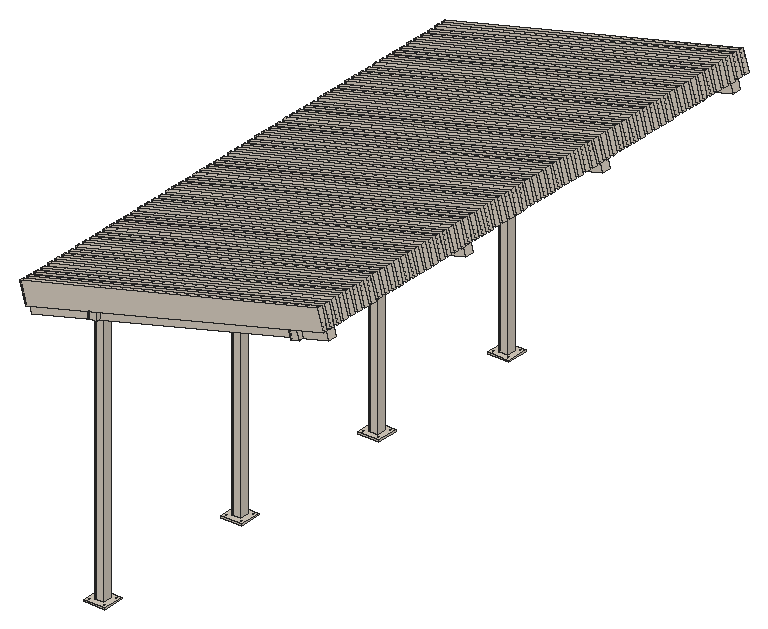
Revit family "Sun-Shades_ATEN_PalmSHIELD", category Generic Models, Revit 2026
Family settings
  Can host rebar = No
  Round Connector Dimension = Use Diameter
  Part Type = Normal
  Work Plane-Based = No
  Always vertical = Yes
  Cut with Voids When Loaded = No
  Maintain Annotation Orientation = No
  Shared = No
  Room Calculation Point = No
Parameters (values of type "Wood Finished 2" x 10"")
  Y1 [instance] = Length - 0' 8"  # 19' - 4"
  X3 [instance] = Column Center to Center - 0' 4"  # 6' - 4"
  X2 [instance] = Column Center to Center  # 6' - 8"
  X1 [instance] = (Length - (No. of Inset to Beams Vertical * 8' 0")) - 0' 8"  # 3' - 4"
  Wind & Privacy AD on Option - Vertical Privacy Aluminum Slats [instance] = no
  Wind & Privacy AD on Option - Privacy Planter & Trellis [instance] = no
  Wind & Privacy AD on Option - Privacy Laser Cut Aluminum Panels [instance] = no
  Wind & Privacy AD on Option - Horizontal Privacy Aluminum Slats [instance] = no
  Width [instance] = 12' - 0"
  Wall Purlins Length [instance] = Column Center to Center - 0' 4"  # 6' - 4"
  Wall Purlins Height [instance] = Underhanging Beams Height - 0' 1 3/4"  # 9' - 7"
  Vertical Purlin Length [instance] = Length + 0' 6"  # 20' - 6"
  Vertical Center to center = Purlin Height + 0' 2"  # 1' - 0"
  Underhanging Beams Height [instance] = Height - 0' 3 1/4"  # 9' - 8 3/4"
  URL = "https://palmshieldlouvers.com/"
  Trellis Height = 2' - 11.18099"
  T Height = Trellis Height - 0' 5"  # 2' - 6.18099"
  Standard Roof Options_Underhanging Beams_Vertical [instance] = no
  Standard Roof Options_Overhanging Beams_Vertical [instance] = yes
  Standard Roof Options_Inset to Beams_Horizontal [instance] = no
  Standard Roof Options_Inset to Beams_Vertical [instance] = no
  Specification = "https://www.arcat.com/company/palmshield-53925/spec"
  Roof Pitch [instance] = 15.00°
  Purlin Width Half = Purlin Width / 2  # 0' - 1"
  Purlin Width = 0' - 2"
  Purlins Spacing Desired [instance] = 0' - 2"
  Purlins Spacing Calculated [instance] = (Length - (No. of Purlins * Purlin Width)) / (No. of Purlins - 1)  # 0' - 2.0339"
  Purlin Height = 0' - 10"
  Product Page URL = "https://www.arcat.com/company/palmshield-53925"
  Planter Height = 1' - 6"
  Planter Depth = 1' - 6"
  No. of Wall Purlins in End [instance] = (Y1 / Center to Center)  # 58
  No. of Purlins [instance] = (Length / (Purlin Width + Purlins Spacing Desired))  # 60
  No. of Inset to Beams Vertical [instance] = No. of Columns - 1  # 2
  No. of Horizontal Wall Purlin [instance] = ((Underhanging Beams Height) / Vertical Center to center)  # 10
  No. of Columns [instance] = (Length / 8' 0")  # 3
  No. of BackSide Purlin [instance] = ((Column Center to Center - 0' 6") / Center to Center)  # 18
  Material [instance] = PalmSHIELD - Alloy
  Manufacturer = "PalmSHIELD"  # constant formula
  Length [instance] = 20' - 0"
  Keynote = "06 87 00"
  Inset to Beams Vertical Length [instance] = Column Center to Center - 0' 4"  # 6' - 4"
  Inset Beam Horizontal Length [instance] = Beam Center to Center + 0' 1 29/32"  # 7' - 7 31/32"
  Height [instance] = 10' - 0"
  Finish = "PalmSHIELD - Wood"
  Default Elevation = 0' - 0"
  Copyright = "©ARCAT"  # constant formula
  Column Height [instance] = Height + 0' 3 31/32"  # 10' - 3 31/32"
  Column Center to Center [instance] = Length / No. of Columns  # 6' - 8"
  Center to Center [instance] = Purlin Width + Purlins Spacing Calculated  # 0' - 4.0339"
  CAD Details = "https://www.arcat.com/company/palmshield-53925/cad"
  Beam Length [instance] = Length + 0' 8"  # 20' - 8"
  Beam Center to Center [instance] = Width - 4' 5 15/16"  # 7' - 6 1/16"
  B2 [instance] = Width  # 12' - 0"
  B1 = 3' - 0"
Reference planes (in)
  plane 1 "Center (Front/Back)": y = 0
  plane 2: z = 0
  plane 3 "Center (Left/Right)": x = 0
  plane 4: z = 120
  plane 5: x = 108
  plane 6: x = -36
  plane 7: y = -2
  plane 8: y = -6.0339
  plane 9: y = 236
  plane 10: y = 238
  plane 11: y = 242.0339
  plane 12: x = 2
  plane 13: x = -2
  plane 14: z = 90.67282
  plane 15: z = 124
  plane 16: y = -5.0339
  plane 17: z = 120.74069
  plane 18: y = 241.0339
  plane 19: y = 2.0339
  plane 20: z = 110
  plane 21: z = 109
  plane 22: x = 13
  plane 23: x = 9
  plane 24: z = 113
  plane 25: x = 1.99838
  plane 26: x = 92.06088
  plane 27: y = 80
  plane 28: x = 92.06073
  plane 29: y = 234
  plane 30: y = 194
  plane 31: x = 92.03047
  plane 32: x = 2.00556
  plane 33: x = 2.11453
  plane 34: x = 92.17303
  plane 35: y = 4.0339
  plane 36: y = 232
  plane 37: z = 3
  plane 38: z = 5
  plane 39: y = 231
  plane 40: y = 227
  plane 41: y = 78
  plane 42: y = 2.7839
  plane 43: y = 77.25
  plane 44: x = -26
  plane 45: x = -25.25
  plane 46: x = -2.75
  plane 47: z = 0.75
  plane 48: z = 18
  plane 49: z = 35.18099
  plane 50: z = 33.18099
  plane 51: y = 233.25
  plane 52: y = 194.75
  plane 53: x = -1.75
  plane 54: x = 91
  plane 55: x = 91
  plane 56: z = 4.5
  plane 57: z = 8.5339
  plane 58: y = 82
  plane 59: y = 100
  plane 60: z = 4
  plane 61: z = 16
  plane 62: y = 226.9661
  plane 63: y = 8.0678
  plane 64: z = 125.60046
  plane 65: z = 111.64025
  plane 66: z = 121.74713
Forms (in)
  Extrusion 1, solid, material "PalmSHIELD - Alloy" <- "Material", visible <- "Wind & Privacy AD on Option - Privacy Planter & Trellis"
    sketch origin (0, 0, 0) x (1, 0, 0) y (0, 1, 0)
      loop
        line (-26, 234) -> (-26, 2.0339) -> (-2, 2.0339) -> (-2, 234) -> (-26, 234)
      loop
        line (-25.25, 233.25) -> (-25.25, 2.7839) -> (-2.75, 2.7839) -> (-2.75, 233.25) -> (-25.25, 233.25)
    from 0.75 to 18
  Extrusion 2, solid, material "PalmSHIELD - Alloy" <- "Material", visible <- "Wind & Privacy AD on Option - Privacy Planter & Trellis"
    sketch origin (0, 0, 0) x (1, 0, 0) y (0, 1, 0)
      loop
        line (-26, 234) -> (-26, 2.0339) -> (-2, 2.0339) -> (-2, 234) -> (-26, 234)
    from 0 to 0.75
  Extrusion 3, solid, material "PalmSHIELD - Alloy" <- "Material", visible <- "Wind & Privacy AD on Option - Privacy Laser Cut Aluminum Panels"
    sketch origin (0, 0, 0) x (1, 0, 0) y (0, 1, 0)
      loop
        line (-2, 2.0339) -> (-1.75, 2.0339) -> (-1.75, 234) -> (-2, 234) -> (-2, 2.0339)
    from 3 to 120
Lines and regions (in)
  reference lines
    curve 1: line (-0.3473, -5.0339, 123.85989) -> (-0.3473, -3, 123.85989)
    curve 2: line (2, 0, 124) -> (108, 0, 152.40261)
    curve 3: line (2, 0, 120) -> (108, 0, 148.40261)
Dimensions and locks (in)
  "Height": plane 4 to plane 2
  "Width": plane 5 to plane 6
  "B1": plane 3 "Center (Left/Right)" to plane 6
  "Length": plane 10 to plane 7
  plane 13 to plane 3 "Center (Left/Right)" to plane 12 = 0' - 2" locked, 0' - 2" locked
  "Purlin Width Half": plane 16 to plane 8
  locked: plane 15 to plane 4 at 4
  equal spacing: group 1, group 2, group 3  (x3)
  locked: plane 17 to plane 4 at 0.74069
  "Purlin Width Half": plane 11 to plane 18
  "Purlins Spacing Calculated": plane 1 "Center (Front/Back)" to plane 19
  "Purlin Height": plane 4 to plane 20
  plane 15 to plane 21 = 1' - 3"
  locked: plane 22 to plane 13 at 15
  locked: plane 24 to plane 21 at 4
  plane 5 to plane 6 = 12' - 0"
  locked: plane 5 to plane 26 at 15.93912
  "Beam Center to Center": plane 25 to plane 26
  "Column Center to Center": plane 27 to plane 1 "Center (Front/Back)"
  plane 6 to plane 5 = 12' - 0"
  locked: plane 28 to plane 5 at 15.93927
  locked: plane 9 to plane 29 at 2
  "X1": plane 29 to plane 30
  locked: plane 31 to plane 5 at 15.96953
  locked: plane 3 "Center (Left/Right)" to plane 32 at 2.00556
  locked: plane 3 "Center (Left/Right)" to plane 33 at 2.11453
  locked: plane 34 to plane 5 at 15.82697
  locked: plane 29 to plane 36 at 2
  equal spacing: group 4, group 5, group 6, group 7, group 8, group 9, group 10, group 11, group 12, group 13, group 34, group 35, group 36, group 40, group 41, group 42, group 43, group 44, group 45, group 46, group 47, group 48, group 49, group 50, group 51, group 64, group 65, group 66, group 67, group 68, group 69, group 70, group 71, group 72, group 73, group 74, group 75, group 76, group 77, group 78, group 79, group 80, group 81, group 82, group 83, group 84, group 106, group 107, group 108, group 109, group 110, group 111, group 112, group 113, group 114, group 115, group 116, group 117  (x2)
  equal spacing: group 117, group 116, group 115, group 114, group 113, group 112, group 111, group 110, group 109, group 108, group 107, group 106, group 84, group 83, group 82, group 81, group 80, group 79, group 78, group 77, group 76, group 75, group 74, group 73, group 72, group 71, group 70, group 69, group 68, group 67, group 66, group 65, group 64, group 51, group 50, group 49, group 48, group 47, group 46, group 45, group 44, group 43, group 42, group 41, group 40, group 36, group 35, group 34, group 13, group 12, group 11, group 10, group 9, group 8, group 7, group 6, group 5, group 4
  locked: plane 36 to plane 39 at 1
  locked: plane 39 to plane 40 at 4
  locked: plane 27 to plane 41 at 2
  equal spacing: group 14, group 15, group 16, group 17, group 18, group 19, group 20, group 21, group 22, group 23  (x3)
  locked: plane 19 to plane 42 at 0.75
  locked: plane 41 to plane 43 at 0.75
  locked: plane 44 to plane 45 at 0.75
  locked: plane 46 to plane 13 at 0.75
  locked: plane 47 to plane 2 at 0.75
  "Planter Height": plane 48 to plane 2
  locked: plane 49 to plane 50 at 2
  "Trellis Height": plane 49 to plane 2
  locked: plane 29 to plane 51 at 0.75
  locked: plane 52 to plane 30 at 0.75
  equal spacing: group 24, group 25, group 26, group 27, group 28, group 29, group 30, group 31, group 32, group 33, group 37, group 38, group 39, group 52, group 53, group 54, group 55, group 56, group 57, group 58, group 59, group 60, group 61, group 62, group 63, group 85, group 86, group 87, group 88, group 89, group 90, group 91, group 92, group 93, group 94, group 95, group 96, group 97, group 98, group 99, group 100, group 101, group 102, group 103, group 104, group 105, group 118, group 119, group 120, group 121, group 122, group 123, group 124, group 125, group 126, group 127, group 128, group 129  (x2)
  equal spacing: group 129, group 128, group 127, group 126, group 125, group 124, group 123, group 122, group 121, group 120, group 119, group 118, group 105, group 104, group 103, group 102, group 101, group 100, group 99, group 98, group 97, group 96, group 95, group 94, group 93, group 92, group 91, group 90, group 89, group 88, group 87, group 86, group 85, group 63, group 62, group 61, group 60, group 59, group 58, group 57, group 56, group 55, group 54, group 53, group 52, group 39, group 38, group 37, group 33, group 32, group 31, group 30, group 29, group 28, group 27, group 26, group 25, group 24
  locked: plane 13 to plane 53 at 0.25
  locked: plane 54 to plane 5 at 17
  locked: plane 55 to plane 5 at 17
  locked: plane 47 to plane 56 at 3.75
  "Center to Center": plane 56 to plane 57
  locked: plane 41 to plane 58 at 4
  "Vertical Center to center": plane 61 to plane 60
  locked: plane 60 to plane 47 at 3.25
  "Center to Center": plane 62 to plane 39
  "Center to Center": plane 35 to plane 63
  locked: Extrusion 1 sketch curve to Extrusion 1 sketch curve at 0.75
  locked: plane 64 to plane 15 at 1.60046
  locked: plane 65 to plane 20 at 1.64025
  locked: plane 15 to plane 66 at 2.25287
  plane 9 to plane 36 = 0' - 4"
  "Center to Center": plane 1 "Center (Front/Back)" to plane 35
  locked: nested 113 to curve 3 at 15.65138
  plane 1 "Center (Front/Back)" to plane 27 = 6' - 8"
  nested 1 to nested 1 = 10' - 3 31/32"
  "Purlin Width": nested 1 to plane 7
  "Center to Center": plane 7 to plane 8
  "Center to Center": plane 11 to plane 10
  "Purlin Width": plane 10 to plane 9
  "Roof Pitch": angle plane 15 to curve 2
  "Roof Pitch": angle plane 4 to curve 3
  aligned and locked: plane 2 to level
  aligned and locked: nested 2 to plane 3 "Center (Left/Right)"
  aligned and locked: plane 13 to nested 3
  aligned and locked: nested 3 to plane 4
  aligned and locked: nested 2 to plane 9
  aligned and locked: plane 29 to nested 16
  aligned and locked: plane 3 "Center (Left/Right)" to nested 16
  aligned and locked: plane 3 "Center (Left/Right)" to nested 17
  aligned and locked: Extrusion 1 sketch curve to plane 29
  aligned and locked: Extrusion 1 sketch curve to plane 51
  aligned and locked: Extrusion 1 sketch curve to plane 44
  aligned and locked: Extrusion 1 sketch curve to plane 45
  aligned and locked: plane 13 to Extrusion 1 sketch curve
  aligned and locked: plane 46 to Extrusion 1 sketch curve
  aligned and locked: Extrusion 1 to plane 47
  aligned and locked: plane 48 to Extrusion 1
  aligned and locked: Extrusion 2 sketch curve to plane 29
  aligned and locked: Extrusion 2 sketch curve to plane 44
  aligned and locked: plane 13 to Extrusion 2 sketch curve
  aligned and locked: plane 29 to nested 26
  aligned and locked: nested 37 to plane 49
  aligned and locked: plane 38 to nested 26
  aligned and locked: plane 3 "Center (Left/Right)" to nested 26
  aligned and locked: plane 3 "Center (Left/Right)" to nested 37
  aligned and locked: plane 29 to nested 37
  aligned and locked: plane 13 to Extrusion 3 sketch curve
  aligned and locked: plane 53 to Extrusion 3 sketch curve
  aligned and locked: Extrusion 3 sketch curve to plane 29
  aligned and locked: nested 4 to plane 27
  aligned and locked: plane 60 to nested 16
  aligned and locked: plane 61 to nested 17
  aligned and locked: nested 6 to plane 39
  aligned and locked: nested 7 to plane 62
  aligned and locked: plane 29 to nested 17
  aligned and locked: nested 27 to plane 39
  aligned and locked: nested 28 to plane 62
  aligned and locked: plane 19 to Extrusion 3
  aligned and locked: plane 19 to Extrusion 1 sketch curve
  aligned and locked: plane 19 to Extrusion 2
  aligned and locked: Extrusion 3 to plane 4
  aligned and locked: nested 110 to plane 37
  aligned and locked: plane 19 to nested 110
  aligned and locked: plane 12 to curve 2
  aligned and locked: plane 15 to curve 2
  aligned and locked: plane 5 to curve 2
  aligned and locked: plane 12 to curve 3
  aligned and locked: plane 4 to curve 3
  aligned and locked: plane 5 to curve 3
  aligned and locked: nested 112 to curve 3  (x2)
  aligned and locked: nested 113 to plane 8
  aligned and locked: nested 113 to curve 3
  aligned and locked: plane 1 "Center (Front/Back)" to nested 1
  aligned and locked: nested 1 to plane 3 "Center (Left/Right)"
  aligned and locked: nested 4 to plane 3 "Center (Left/Right)"
  aligned and locked: plane 2 to nested 2
  aligned and locked: plane 35 to nested 138
  aligned and locked: nested 139 to plane 35
  aligned and locked: nested 139 to curve 3
  aligned and locked: nested 138 to curve 3
  aligned and locked: nested 140 to plane 8
  aligned and locked: nested 141 to plane 8
  aligned and locked: plane 11 to nested 142
  aligned and locked: plane 11 to nested 143
  aligned and locked: nested 1 to curve 3
  aligned and locked: nested 140 to curve 2
  aligned and locked: nested 143 to curve 2
  aligned and locked: nested 141 to curve 3
  aligned and locked: nested 142 to curve 3
  aligned and locked: plane 7 to nested 111
  aligned and locked: plane 7 to nested 112
  aligned and locked: nested 111 to curve 2
Automatic sketch dimensions
  Extrusion 3 sketch curve to plane 30 = 15' - 11.9661"
  Extrusion 2 sketch curve to plane 30 = 15' - 11.9661"
  plane 16 to curve 1 = 0' - 0"
  curve 1 to plane 7 = 0' - 1"
Nested families (in)
  nested 1: "STEEL SQ TUBE 4 X 4 X 0.25 CAPPED ASTM A500 GR.B" at (0, 0, 0), type "STEEL SQ TUBE 4 X 4 X 0.25 CAPPED ASTM A500 GR.B"
  nested 2: "STEEL SQ TUBE 4 X 4 X 0.25 CAPPED ASTM A500 GR.B" at (0, 236, 0), type "STEEL SQ TUBE 4 X 4 X 0.25 CAPPED ASTM A500 GR.B"
  nested 3: "STEEL SQ BEAM" at (-2, -6, 120) x (-1, 0, 0) z (0, 0, 1), type "STEEL SQ BEAM"
  nested 4: "STEEL SQ TUBE 4 X 4 X 0.25 CAPPED ASTM A500 GR.B" at (0, 80, 0), type "STEEL SQ TUBE 4 X 4 X 0.25 CAPPED ASTM A500 GR.B"
  nested 5: "STEEL SQ TUBE 4 X 4 X 0.25 CAPPED ASTM A500 GR.B" at (0, 160, 0), type "STEEL SQ TUBE 4 X 4 X 0.25 CAPPED ASTM A500 GR.B"
  nested 6: "Vertical Purlin" at (0, 231, 5), visible <- "Wind & Privacy AD on Option - Vertical Privacy Aluminum Slats", type "Vertical Purlin"
  nested 7: "Vertical Purlin" at (0, 226.9661, 5), visible <- "Wind & Privacy AD on Option - Vertical Privacy Aluminum Slats", type "Vertical Purlin"
  nested 8: "Vertical Purlin" at (0, 222.9322, 5), visible <- "Wind & Privacy AD on Option - Vertical Privacy Aluminum Slats", type "Vertical Purlin"
  nested 9: "Vertical Purlin" at (0, 218.89831, 5), visible <- "Wind & Privacy AD on Option - Vertical Privacy Aluminum Slats", type "Vertical Purlin"
  nested 10: "Vertical Purlin" at (0, 214.86441, 5), visible <- "Wind & Privacy AD on Option - Vertical Privacy Aluminum Slats", type "Vertical Purlin"
  nested 11: "Vertical Purlin" at (0, 210.83051, 5), visible <- "Wind & Privacy AD on Option - Vertical Privacy Aluminum Slats", type "Vertical Purlin"
  nested 12: "Vertical Purlin" at (0, 206.79661, 5), visible <- "Wind & Privacy AD on Option - Vertical Privacy Aluminum Slats", type "Vertical Purlin"
  nested 13: "Vertical Purlin" at (0, 202.76271, 5), visible <- "Wind & Privacy AD on Option - Vertical Privacy Aluminum Slats", type "Vertical Purlin"
  nested 14: "Vertical Purlin" at (0, 198.72881, 5), visible <- "Wind & Privacy AD on Option - Vertical Privacy Aluminum Slats", type "Vertical Purlin"
  nested 15: "Vertical Purlin" at (0, 194.69492, 5), visible <- "Wind & Privacy AD on Option - Vertical Privacy Aluminum Slats", type "Vertical Purlin"
  nested 16: "ALUMINUM RECT TUBE PURLIN" at (0, 118, -1.125), visible <- "Wind & Privacy AD on Option - Horizontal Privacy Aluminum Slats", type "Aluminum Rect Tube Wall Purlins Horizontal"
  nested 17: "ALUMINUM RECT TUBE PURLIN" at (0, 118, 10.875), visible <- "Wind & Privacy AD on Option - Horizontal Privacy Aluminum Slats", type "Aluminum Rect Tube Wall Purlins Horizontal"
  nested 18: "ALUMINUM RECT TUBE PURLIN" at (0, 118, 22.875), visible <- "Wind & Privacy AD on Option - Horizontal Privacy Aluminum Slats", type "Aluminum Rect Tube Wall Purlins Horizontal"
  nested 19: "ALUMINUM RECT TUBE PURLIN" at (0, 118, 34.875), visible <- "Wind & Privacy AD on Option - Horizontal Privacy Aluminum Slats", type "Aluminum Rect Tube Wall Purlins Horizontal"
  nested 20: "ALUMINUM RECT TUBE PURLIN" at (0, 118, 46.875), visible <- "Wind & Privacy AD on Option - Horizontal Privacy Aluminum Slats", type "Aluminum Rect Tube Wall Purlins Horizontal"
  nested 21: "ALUMINUM RECT TUBE PURLIN" at (0, 118, 58.875), visible <- "Wind & Privacy AD on Option - Horizontal Privacy Aluminum Slats", type "Aluminum Rect Tube Wall Purlins Horizontal"
  nested 22: "ALUMINUM RECT TUBE PURLIN" at (0, 118, 70.875), visible <- "Wind & Privacy AD on Option - Horizontal Privacy Aluminum Slats", type "Aluminum Rect Tube Wall Purlins Horizontal"
  nested 23: "ALUMINUM RECT TUBE PURLIN" at (0, 118, 82.875), visible <- "Wind & Privacy AD on Option - Horizontal Privacy Aluminum Slats", type "Aluminum Rect Tube Wall Purlins Horizontal"
  nested 24: "ALUMINUM RECT TUBE PURLIN" at (0, 118, 94.875), visible <- "Wind & Privacy AD on Option - Horizontal Privacy Aluminum Slats", type "Aluminum Rect Tube Wall Purlins Horizontal"
  nested 25: "ALUMINUM RECT TUBE PURLIN" at (0, 118, 106.875), visible <- "Wind & Privacy AD on Option - Horizontal Privacy Aluminum Slats", type "Aluminum Rect Tube Wall Purlins Horizontal"
  nested 26: "ALUMINUM RECT TUBE PURLIN" at (0, 118, 2.875), visible <- "Wind & Privacy AD on Option - Privacy Planter & Trellis", type "Trellis Purlin"
  nested 27: "Vertical Purlin" at (0, 231, 5), visible <- "Wind & Privacy AD on Option - Privacy Planter & Trellis", type "Trellis Vertical Purlin"
  nested 28: "Vertical Purlin" at (0, 226.9661, 5), visible <- "Wind & Privacy AD on Option - Privacy Planter & Trellis", type "Trellis Vertical Purlin"
  nested 29: "Vertical Purlin" at (0, 222.9322, 5), visible <- "Wind & Privacy AD on Option - Privacy Planter & Trellis", type "Trellis Vertical Purlin"
  nested 30: "Vertical Purlin" at (0, 218.89831, 5), visible <- "Wind & Privacy AD on Option - Privacy Planter & Trellis", type "Trellis Vertical Purlin"
  nested 31: "Vertical Purlin" at (0, 214.86441, 5), visible <- "Wind & Privacy AD on Option - Privacy Planter & Trellis", type "Trellis Vertical Purlin"
  nested 32: "Vertical Purlin" at (0, 210.83051, 5), visible <- "Wind & Privacy AD on Option - Privacy Planter & Trellis", type "Trellis Vertical Purlin"
  nested 33: "Vertical Purlin" at (0, 206.79661, 5), visible <- "Wind & Privacy AD on Option - Privacy Planter & Trellis", type "Trellis Vertical Purlin"
  nested 34: "Vertical Purlin" at (0, 202.76271, 5), visible <- "Wind & Privacy AD on Option - Privacy Planter & Trellis", type "Trellis Vertical Purlin"
  nested 35: "Vertical Purlin" at (0, 198.72881, 5), visible <- "Wind & Privacy AD on Option - Privacy Planter & Trellis", type "Trellis Vertical Purlin"
  nested 36: "Vertical Purlin" at (0, 194.69492, 5), visible <- "Wind & Privacy AD on Option - Privacy Planter & Trellis", type "Trellis Vertical Purlin"
  nested 37: "ALUMINUM RECT TUBE PURLIN" at (0, 118, 35.05599), visible <- "Wind & Privacy AD on Option - Privacy Planter & Trellis", type "Trellis Purlin"
  nested 38: "Vertical Purlin" at (0, 190.66102, 5), visible <- "Wind & Privacy AD on Option - Vertical Privacy Aluminum Slats", type "Vertical Purlin"
  nested 39: "Vertical Purlin" at (0, 186.62712, 5), visible <- "Wind & Privacy AD on Option - Vertical Privacy Aluminum Slats", type "Vertical Purlin"
  nested 40: "Vertical Purlin" at (0, 182.59322, 5), visible <- "Wind & Privacy AD on Option - Vertical Privacy Aluminum Slats", type "Vertical Purlin"
  nested 41: "Vertical Purlin" at (0, 190.66102, 5), visible <- "Wind & Privacy AD on Option - Privacy Planter & Trellis", type "Trellis Vertical Purlin"
  nested 42: "Vertical Purlin" at (0, 186.62712, 5), visible <- "Wind & Privacy AD on Option - Privacy Planter & Trellis", type "Trellis Vertical Purlin"
  nested 43: "Vertical Purlin" at (0, 182.59322, 5), visible <- "Wind & Privacy AD on Option - Privacy Planter & Trellis", type "Trellis Vertical Purlin"
  nested 44: "Vertical Purlin" at (0, 178.55932, 5), visible <- "Wind & Privacy AD on Option - Vertical Privacy Aluminum Slats", type "Vertical Purlin"
  nested 45: "Vertical Purlin" at (0, 174.52542, 5), visible <- "Wind & Privacy AD on Option - Vertical Privacy Aluminum Slats", type "Vertical Purlin"
  nested 46: "Vertical Purlin" at (0, 170.49153, 5), visible <- "Wind & Privacy AD on Option - Vertical Privacy Aluminum Slats", type "Vertical Purlin"
  nested 47: "Vertical Purlin" at (0, 166.45763, 5), visible <- "Wind & Privacy AD on Option - Vertical Privacy Aluminum Slats", type "Vertical Purlin"
  nested 48: "Vertical Purlin" at (0, 162.42373, 5), visible <- "Wind & Privacy AD on Option - Vertical Privacy Aluminum Slats", type "Vertical Purlin"
  nested 49: "Vertical Purlin" at (0, 158.38983, 5), visible <- "Wind & Privacy AD on Option - Vertical Privacy Aluminum Slats", type "Vertical Purlin"
  nested 50: "Vertical Purlin" at (0, 154.35593, 5), visible <- "Wind & Privacy AD on Option - Vertical Privacy Aluminum Slats", type "Vertical Purlin"
  nested 51: "Vertical Purlin" at (0, 150.32203, 5), visible <- "Wind & Privacy AD on Option - Vertical Privacy Aluminum Slats", type "Vertical Purlin"
  nested 52: "Vertical Purlin" at (0, 146.28814, 5), visible <- "Wind & Privacy AD on Option - Vertical Privacy Aluminum Slats", type "Vertical Purlin"
  nested 53: "Vertical Purlin" at (0, 142.25424, 5), visible <- "Wind & Privacy AD on Option - Vertical Privacy Aluminum Slats", type "Vertical Purlin"
  nested 54: "Vertical Purlin" at (0, 138.22034, 5), visible <- "Wind & Privacy AD on Option - Vertical Privacy Aluminum Slats", type "Vertical Purlin"
  nested 55: "Vertical Purlin" at (0, 134.18644, 5), visible <- "Wind & Privacy AD on Option - Vertical Privacy Aluminum Slats", type "Vertical Purlin"
  nested 56: "Vertical Purlin" at (0, 178.55932, 5), visible <- "Wind & Privacy AD on Option - Privacy Planter & Trellis", type "Trellis Vertical Purlin"
  nested 57: "Vertical Purlin" at (0, 174.52542, 5), visible <- "Wind & Privacy AD on Option - Privacy Planter & Trellis", type "Trellis Vertical Purlin"
  nested 58: "Vertical Purlin" at (0, 170.49153, 5), visible <- "Wind & Privacy AD on Option - Privacy Planter & Trellis", type "Trellis Vertical Purlin"
  nested 59: "Vertical Purlin" at (0, 166.45763, 5), visible <- "Wind & Privacy AD on Option - Privacy Planter & Trellis", type "Trellis Vertical Purlin"
  nested 60: "Vertical Purlin" at (0, 162.42373, 5), visible <- "Wind & Privacy AD on Option - Privacy Planter & Trellis", type "Trellis Vertical Purlin"
  nested 61: "Vertical Purlin" at (0, 158.38983, 5), visible <- "Wind & Privacy AD on Option - Privacy Planter & Trellis", type "Trellis Vertical Purlin"
  nested 62: "Vertical Purlin" at (0, 154.35593, 5), visible <- "Wind & Privacy AD on Option - Privacy Planter & Trellis", type "Trellis Vertical Purlin"
  nested 63: "Vertical Purlin" at (0, 150.32203, 5), visible <- "Wind & Privacy AD on Option - Privacy Planter & Trellis", type "Trellis Vertical Purlin"
  nested 64: "Vertical Purlin" at (0, 146.28814, 5), visible <- "Wind & Privacy AD on Option - Privacy Planter & Trellis", type "Trellis Vertical Purlin"
  nested 65: "Vertical Purlin" at (0, 142.25424, 5), visible <- "Wind & Privacy AD on Option - Privacy Planter & Trellis", type "Trellis Vertical Purlin"
  nested 66: "Vertical Purlin" at (0, 138.22034, 5), visible <- "Wind & Privacy AD on Option - Privacy Planter & Trellis", type "Trellis Vertical Purlin"
  nested 67: "Vertical Purlin" at (0, 134.18644, 5), visible <- "Wind & Privacy AD on Option - Privacy Planter & Trellis", type "Trellis Vertical Purlin"
  nested 68: "Vertical Purlin" at (0, 130.15254, 5), visible <- "Wind & Privacy AD on Option - Vertical Privacy Aluminum Slats", type "Vertical Purlin"
  nested 69: "Vertical Purlin" at (0, 126.11864, 5), visible <- "Wind & Privacy AD on Option - Vertical Privacy Aluminum Slats", type "Vertical Purlin"
  nested 70: "Vertical Purlin" at (0, 122.08475, 5), visible <- "Wind & Privacy AD on Option - Vertical Privacy Aluminum Slats", type "Vertical Purlin"
  nested 71: "Vertical Purlin" at (0, 118.05085, 5), visible <- "Wind & Privacy AD on Option - Vertical Privacy Aluminum Slats", type "Vertical Purlin"
  nested 72: "Vertical Purlin" at (0, 114.01695, 5), visible <- "Wind & Privacy AD on Option - Vertical Privacy Aluminum Slats", type "Vertical Purlin"
  nested 73: "Vertical Purlin" at (0, 109.98305, 5), visible <- "Wind & Privacy AD on Option - Vertical Privacy Aluminum Slats", type "Vertical Purlin"
  nested 74: "Vertical Purlin" at (0, 105.94915, 5), visible <- "Wind & Privacy AD on Option - Vertical Privacy Aluminum Slats", type "Vertical Purlin"
  nested 75: "Vertical Purlin" at (0, 101.91525, 5), visible <- "Wind & Privacy AD on Option - Vertical Privacy Aluminum Slats", type "Vertical Purlin"
  nested 76: "Vertical Purlin" at (0, 97.88136, 5), visible <- "Wind & Privacy AD on Option - Vertical Privacy Aluminum Slats", type "Vertical Purlin"
  nested 77: "Vertical Purlin" at (0, 93.84746, 5), visible <- "Wind & Privacy AD on Option - Vertical Privacy Aluminum Slats", type "Vertical Purlin"
  nested 78: "Vertical Purlin" at (0, 89.81356, 5), visible <- "Wind & Privacy AD on Option - Vertical Privacy Aluminum Slats", type "Vertical Purlin"
  nested 79: "Vertical Purlin" at (0, 85.77966, 5), visible <- "Wind & Privacy AD on Option - Vertical Privacy Aluminum Slats", type "Vertical Purlin"
  nested 80: "Vertical Purlin" at (0, 81.74576, 5), visible <- "Wind & Privacy AD on Option - Vertical Privacy Aluminum Slats", type "Vertical Purlin"
  nested 81: "Vertical Purlin" at (0, 77.71186, 5), visible <- "Wind & Privacy AD on Option - Vertical Privacy Aluminum Slats", type "Vertical Purlin"
  nested 82: "Vertical Purlin" at (0, 73.67797, 5), visible <- "Wind & Privacy AD on Option - Vertical Privacy Aluminum Slats", type "Vertical Purlin"
  nested 83: "Vertical Purlin" at (0, 69.64407, 5), visible <- "Wind & Privacy AD on Option - Vertical Privacy Aluminum Slats", type "Vertical Purlin"
  nested 84: "Vertical Purlin" at (0, 65.61017, 5), visible <- "Wind & Privacy AD on Option - Vertical Privacy Aluminum Slats", type "Vertical Purlin"
  nested 85: "Vertical Purlin" at (0, 61.57627, 5), visible <- "Wind & Privacy AD on Option - Vertical Privacy Aluminum Slats", type "Vertical Purlin"
  nested 86: "Vertical Purlin" at (0, 57.54237, 5), visible <- "Wind & Privacy AD on Option - Vertical Privacy Aluminum Slats", type "Vertical Purlin"
  nested 87: "Vertical Purlin" at (0, 53.50847, 5), visible <- "Wind & Privacy AD on Option - Vertical Privacy Aluminum Slats", type "Vertical Purlin"
  nested 88: "Vertical Purlin" at (0, 49.47458, 5), visible <- "Wind & Privacy AD on Option - Vertical Privacy Aluminum Slats", type "Vertical Purlin"
  nested 89: "Vertical Purlin" at (0, 130.15254, 5), visible <- "Wind & Privacy AD on Option - Privacy Planter & Trellis", type "Trellis Vertical Purlin"
  nested 90: "Vertical Purlin" at (0, 126.11864, 5), visible <- "Wind & Privacy AD on Option - Privacy Planter & Trellis", type "Trellis Vertical Purlin"
  nested 91: "Vertical Purlin" at (0, 122.08475, 5), visible <- "Wind & Privacy AD on Option - Privacy Planter & Trellis", type "Trellis Vertical Purlin"
  nested 92: "Vertical Purlin" at (0, 118.05085, 5), visible <- "Wind & Privacy AD on Option - Privacy Planter & Trellis", type "Trellis Vertical Purlin"
  nested 93: "Vertical Purlin" at (0, 114.01695, 5), visible <- "Wind & Privacy AD on Option - Privacy Planter & Trellis", type "Trellis Vertical Purlin"
  nested 94: "Vertical Purlin" at (0, 109.98305, 5), visible <- "Wind & Privacy AD on Option - Privacy Planter & Trellis", type "Trellis Vertical Purlin"
  nested 95: "Vertical Purlin" at (0, 105.94915, 5), visible <- "Wind & Privacy AD on Option - Privacy Planter & Trellis", type "Trellis Vertical Purlin"
  nested 96: "Vertical Purlin" at (0, 101.91525, 5), visible <- "Wind & Privacy AD on Option - Privacy Planter & Trellis", type "Trellis Vertical Purlin"
  nested 97: "Vertical Purlin" at (0, 97.88136, 5), visible <- "Wind & Privacy AD on Option - Privacy Planter & Trellis", type "Trellis Vertical Purlin"
  nested 98: "Vertical Purlin" at (0, 93.84746, 5), visible <- "Wind & Privacy AD on Option - Privacy Planter & Trellis", type "Trellis Vertical Purlin"
  nested 99: "Vertical Purlin" at (0, 89.81356, 5), visible <- "Wind & Privacy AD on Option - Privacy Planter & Trellis", type "Trellis Vertical Purlin"
  nested 100: "Vertical Purlin" at (0, 85.77966, 5), visible <- "Wind & Privacy AD on Option - Privacy Planter & Trellis", type "Trellis Vertical Purlin"
  nested 101: "Vertical Purlin" at (0, 81.74576, 5), visible <- "Wind & Privacy AD on Option - Privacy Planter & Trellis", type "Trellis Vertical Purlin"
  nested 102: "Vertical Purlin" at (0, 77.71186, 5), visible <- "Wind & Privacy AD on Option - Privacy Planter & Trellis", type "Trellis Vertical Purlin"
  nested 103: "Vertical Purlin" at (0, 73.67797, 5), visible <- "Wind & Privacy AD on Option - Privacy Planter & Trellis", type "Trellis Vertical Purlin"
  nested 104: "Vertical Purlin" at (0, 69.64407, 5), visible <- "Wind & Privacy AD on Option - Privacy Planter & Trellis", type "Trellis Vertical Purlin"
  nested 105: "Vertical Purlin" at (0, 65.61017, 5), visible <- "Wind & Privacy AD on Option - Privacy Planter & Trellis", type "Trellis Vertical Purlin"
  nested 106: "Vertical Purlin" at (0, 61.57627, 5), visible <- "Wind & Privacy AD on Option - Privacy Planter & Trellis", type "Trellis Vertical Purlin"
  nested 107: "Vertical Purlin" at (0, 57.54237, 5), visible <- "Wind & Privacy AD on Option - Privacy Planter & Trellis", type "Trellis Vertical Purlin"
  nested 108: "Vertical Purlin" at (0, 53.50847, 5), visible <- "Wind & Privacy AD on Option - Privacy Planter & Trellis", type "Trellis Vertical Purlin"
  nested 109: "Vertical Purlin" at (0, 49.47458, 5), visible <- "Wind & Privacy AD on Option - Privacy Planter & Trellis", type "Trellis Vertical Purlin"
  nested 110: "ALUMINUM RECT TUBE PURLIN" at (0, 118.0339, 2.875), visible <- "Wind & Privacy AD on Option - Vertical Privacy Aluminum Slats", type "Trellis Purlin"
  nested 111: "Family1" at (-31.09332, 118, 115.13267) x (0, -1, 0) z (-0.2588, 0, 0.9659), visible <- "Standard Roof Options_Overhanging Beams_Vertical", type "Overhanging Beams"
  nested 112: "Family1" at (108, 118, 148.40261) x (0, -1, 0) z (0.2588, 0, -0.9659), visible <- "Standard Roof Options_Underhanging Beams_Vertical", type "Overhanging Beams"
  nested 113: "STEEL SQ BEAM" at (96.74563, -6.0339, 145.38702) x (0.9659, 0, 0.2588) z (-0.2588, 0, 0.9659), type "STEEL SQ BEAM"
  nested 114: "Vertical Purlin" at (0, 45.44068, 5), visible <- "Wind & Privacy AD on Option - Vertical Privacy Aluminum Slats", type "Vertical Purlin"
  nested 115: "Vertical Purlin" at (0, 41.40678, 5), visible <- "Wind & Privacy AD on Option - Vertical Privacy Aluminum Slats", type "Vertical Purlin"
  nested 116: "Vertical Purlin" at (0, 37.37288, 5), visible <- "Wind & Privacy AD on Option - Vertical Privacy Aluminum Slats", type "Vertical Purlin"
  nested 117: "Vertical Purlin" at (0, 33.33898, 5), visible <- "Wind & Privacy AD on Option - Vertical Privacy Aluminum Slats", type "Vertical Purlin"
  nested 118: "Vertical Purlin" at (0, 29.30508, 5), visible <- "Wind & Privacy AD on Option - Vertical Privacy Aluminum Slats", type "Vertical Purlin"
  nested 119: "Vertical Purlin" at (0, 25.27119, 5), visible <- "Wind & Privacy AD on Option - Vertical Privacy Aluminum Slats", type "Vertical Purlin"
  nested 120: "Vertical Purlin" at (0, 21.23729, 5), visible <- "Wind & Privacy AD on Option - Vertical Privacy Aluminum Slats", type "Vertical Purlin"
  nested 121: "Vertical Purlin" at (0, 17.20339, 5), visible <- "Wind & Privacy AD on Option - Vertical Privacy Aluminum Slats", type "Vertical Purlin"
  nested 122: "Vertical Purlin" at (0, 13.16949, 5), visible <- "Wind & Privacy AD on Option - Vertical Privacy Aluminum Slats", type "Vertical Purlin"
  nested 123: "Vertical Purlin" at (0, 9.13559, 5), visible <- "Wind & Privacy AD on Option - Vertical Privacy Aluminum Slats", type "Vertical Purlin"
  nested 124: "Vertical Purlin" at (0, 5.10169, 5), visible <- "Wind & Privacy AD on Option - Vertical Privacy Aluminum Slats", type "Vertical Purlin"
  nested 125: "Vertical Purlin" at (0, 1.0678, 5), visible <- "Wind & Privacy AD on Option - Vertical Privacy Aluminum Slats", type "Vertical Purlin"
  nested 126: "Vertical Purlin" at (0, 45.44068, 5), visible <- "Wind & Privacy AD on Option - Privacy Planter & Trellis", type "Trellis Vertical Purlin"
  nested 127: "Vertical Purlin" at (0, 41.40678, 5), visible <- "Wind & Privacy AD on Option - Privacy Planter & Trellis", type "Trellis Vertical Purlin"
  nested 128: "Vertical Purlin" at (0, 37.37288, 5), visible <- "Wind & Privacy AD on Option - Privacy Planter & Trellis", type "Trellis Vertical Purlin"
  nested 129: "Vertical Purlin" at (0, 33.33898, 5), visible <- "Wind & Privacy AD on Option - Privacy Planter & Trellis", type "Trellis Vertical Purlin"
  nested 130: "Vertical Purlin" at (0, 29.30508, 5), visible <- "Wind & Privacy AD on Option - Privacy Planter & Trellis", type "Trellis Vertical Purlin"
  nested 131: "Vertical Purlin" at (0, 25.27119, 5), visible <- "Wind & Privacy AD on Option - Privacy Planter & Trellis", type "Trellis Vertical Purlin"
  nested 132: "Vertical Purlin" at (0, 21.23729, 5), visible <- "Wind & Privacy AD on Option - Privacy Planter & Trellis", type "Trellis Vertical Purlin"
  nested 133: "Vertical Purlin" at (0, 17.20339, 5), visible <- "Wind & Privacy AD on Option - Privacy Planter & Trellis", type "Trellis Vertical Purlin"
  nested 134: "Vertical Purlin" at (0, 13.16949, 5), visible <- "Wind & Privacy AD on Option - Privacy Planter & Trellis", type "Trellis Vertical Purlin"
  nested 135: "Vertical Purlin" at (0, 9.13559, 5), visible <- "Wind & Privacy AD on Option - Privacy Planter & Trellis", type "Trellis Vertical Purlin"
  nested 136: "Vertical Purlin" at (0, 5.10169, 5), visible <- "Wind & Privacy AD on Option - Privacy Planter & Trellis", type "Trellis Vertical Purlin"
  nested 137: "Vertical Purlin" at (0, 1.0678, 5), visible <- "Wind & Privacy AD on Option - Privacy Planter & Trellis", type "Trellis Vertical Purlin"
  nested 138: "Inset Beam Vertical" at (2, 4.0339, 120) x (0, 1, 0) z (-0.2588, 0, 0.9659), visible <- "Standard Roof Options_Inset to Beams_Vertical", Purlin Spacing Desired <- "Purlins Spacing Desired", Number of inset beam vertical <- "No. of Inset to Beams Vertical", L <- "Beam Center to Center", type "Inset Beam Vertical"
    with Vertical Purlin 23, Purlin Width Half 0' - 1", Purlin Spacing Desired 0' - 2", Purlin Spacing Calculated 0' - 2.00284", Number of inset beam vertical 2, L 7' - 6 1/16", Center to Center 0' - 4.00284", Beam center to center 0' - 4"
  nested 139: "Family7" at (2, 236.0339, 120) x (0.9659, 0, 0.2588) z (-0.2588, 0, 0.9659), visible <- "Standard Roof Options_Inset to Beams_Horizontal", Purlin Spacing Desired <- "Purlins Spacing Desired", type "Inset to Beams_Horizontal"
    with Vertical Purlin 58, Purlin Spacing Desired 0' - 2", Purlin Spacing Calculated 0' - 2.03509", Center to Center 0' - 4.03509"
  nested 140: "RECT.TUBE PURLINS" at (-31.09332, -5.0339, 115.13267) x (0, 1, 0) z (-0.2588, 0, 0.9659), visible <- "Standard Roof Options_Overhanging Beams_Vertical", type "RECT.TUBE PURLINS"
  nested 141: "RECT.TUBE PURLINS" at (108, -5.0339, 148.40261) x (0, 1, 0) z (0.2588, 0, -0.9659), visible <- "Standard Roof Options_Underhanging Beams_Vertical", type "RECT.TUBE PURLINS"
  nested 142: "RECT.TUBE PURLINS" at (108, 241.0339, 148.40261) x (0, 1, 0) z (0.2588, 0, -0.9659), visible <- "Standard Roof Options_Underhanging Beams_Vertical", type "RECT.TUBE PURLINS"
  nested 143: "RECT.TUBE PURLINS" at (-31.09332, 241.0339, 115.13267) x (0, 1, 0) z (-0.2588, 0, 0.9659), visible <- "Standard Roof Options_Overhanging Beams_Vertical", type "RECT.TUBE PURLINS"
Definition of nested family "STEEL SQ TUBE 4 X 4 X 0.25 CAPPED ASTM A500 GR.B"
  Parameters (values of type "STEEL SQ TUBE 4 X 4 X 0.25 CAPPED ASTM A500 GR.B")
    roof pitch = 10.00°
    Purlin Length = 15' - 0"
    WIDTH = 0' - 4"
    STEEL = none
    Material [instance] = none
    HEIGHT = 15' - 0"
    Default Elevation = 0' - 0"
    DEPTH = 0' - 4"
    BASE PLATE WIDTH = 0' - 10"
    BASE PLATE THICKNESS = 0' - 0 3/4"
    BASE PLATE DEPTH = 0' - 10"
    B1 = 3' - 0"
  Reference planes (in)
    plane 1 "Center (Front/Back)": y = 0
    plane 2: z = 0
    plane 3 "Center (Left/Right)": x = 0
    plane 4: y = 2
    plane 5: y = -2
    plane 6: x = -2
    plane 7: x = 2
    plane 8: x = -1.75
    plane 9: x = 1.75
    plane 10: y = 1.75
    plane 11: y = -1.75
    plane 12: z = 180
    plane 13: x = -5
    plane 14: x = 5
    plane 15: y = 5
    plane 16: y = -5
    plane 17: z = 0.75
    plane 18: y = 3.5
    plane 19: y = -3.5
    plane 20: x = -3.5
    plane 21: x = 3.5
    plane 22: z = 179.75
    plane 23: x = -36
    plane 24: x = 144
  Forms (in)
    Extrusion 1, solid, material <- "STEEL"
      sketch origin (0, 0, 0) x (1, 0, 0) y (0, 1, 0)
        loop
          line (-2, 2) -> (-2, -2) -> (2, -2) -> (2, 2) -> (-2, 2)
        loop
          line (-1.75, 1.75) -> (-1.75, -1.75) -> (1.75, -1.75) -> (1.75, 1.75) -> (-1.75, 1.75)
      from 0.75 to 180
    Extrusion 2, solid, material <- "STEEL"
      sketch origin (0, 0, 0) x (1, 0, 0) y (0, 1, 0)
        loop
          line (-5, 5) -> (-5, -5) -> (5, -5) -> (5, 5) -> (-5, 5)
      from 0 to 0.75
    Extrusion 3, void
      sketch origin (0, 0, 0) x (1, 0, 0) y (0, 1, 0)
        loop
          circle (-3.5, 3.5) r 0.25
        loop
          circle (-3.5, -3.5) r 0.25
        loop
          circle (3.5, 3.5) r 0.25
        loop
          circle (3.5, -3.5) r 0.25
      from 0 to 0.75
    Extrusion 4, solid, material <- "STEEL"
      sketch origin (0, 0, 0) x (1, 0, 0) y (0, 1, 0)
        loop
          line (-1.75, 1.75) -> (-1.75, -1.75) -> (1.75, -1.75) -> (1.75, 1.75) -> (-1.75, 1.75)
      from 179.75 to 180
  Cuts and joins
    Extrusion 3 cuts Extrusion 2
    joined: Extrusion 1, Extrusion 4
  Lines and regions (in)
    reference lines
      curve 1: line (2, 0, 180) -> (144, 0, 205.03843)
      curve 2: line (2, 0, 180) -> (-36, 0, 173.29957)
  Dimensions and locks (in)
    equal spacing: plane 6, plane 3 "Center (Left/Right)", plane 7
    equal spacing: plane 4, plane 1 "Center (Front/Back)", plane 5
    "WIDTH": plane 6 to plane 7
    "DEPTH": plane 4 to plane 5
    locked: plane 4 to plane 10 at 0.25
    locked: plane 6 to plane 8 at 0.25
    locked: plane 9 to plane 7 at 0.25
    locked: plane 11 to plane 5 at 0.25
    "HEIGHT": plane 12 to level
    equal spacing: plane 15, plane 1 "Center (Front/Back)", plane 16
    equal spacing: plane 13, plane 3 "Center (Left/Right)", plane 14
    "BASE PLATE WIDTH": plane 13 to plane 14
    "BASE PLATE DEPTH": plane 15 to plane 16
    "BASE PLATE THICKNESS": plane 17 to plane 2
    equal spacing: plane 15, plane 18, plane 4, locked at 1.5 each
    equal spacing: plane 16, plane 19, plane 5, locked at 1.5 each
    equal spacing: plane 13, plane 20, plane 6, locked at 1.5 each
    equal spacing: plane 14, plane 21, plane 7, locked at 1.5 each
    locked: plane 12 to plane 22 at 0.25
    "B1": plane 23 to plane 3 "Center (Left/Right)"
    "Purlin Length": plane 23 to plane 24
    plane 24 to plane 23 = 15' - 0"
    "roof pitch": angle plane 12 to curve 2
    "roof pitch": angle curve 1 to plane 12
    aligned and locked: plane 2 to level
    aligned and locked: Extrusion 1 sketch curve to plane 4
    aligned and locked: Extrusion 1 sketch curve to plane 10
    aligned and locked: Extrusion 1 sketch curve to plane 8
    aligned and locked: Extrusion 1 sketch curve to plane 6
    aligned and locked: plane 11 to Extrusion 1 sketch curve
    aligned and locked: Extrusion 1 sketch curve to plane 5
    aligned and locked: Extrusion 1 sketch curve to plane 7
    aligned and locked: plane 9 to Extrusion 1 sketch curve
    aligned and locked: plane 12 to Extrusion 1
    aligned and locked: Extrusion 2 sketch curve to plane 13
    aligned and locked: Extrusion 2 sketch curve to plane 15
    aligned and locked: Extrusion 2 sketch curve to plane 16
    aligned and locked: Extrusion 2 sketch curve to plane 14
    aligned and locked: Extrusion 2 to plane 2
    aligned and locked: plane 17 to Extrusion 2
    aligned and locked: Extrusion 1 to plane 17
    aligned and locked: plane 20 to Extrusion 3 sketch curve  (x2)
    aligned and locked: plane 18 to Extrusion 3 sketch curve  (x2)
    aligned and locked: plane 19 to Extrusion 3 sketch curve  (x2)
    aligned and locked: plane 21 to Extrusion 3 sketch curve  (x2)
    aligned and locked: Extrusion 3 to level
    aligned and locked: plane 17 to Extrusion 3
    aligned and locked: Extrusion 4 sketch curve to Extrusion 1  (x4)
    aligned and locked: Extrusion 4 to plane 22
    aligned and locked: plane 12 to Extrusion 4
    aligned and locked: plane 23 to curve 2
    aligned and locked: plane 7 to curve 2
    aligned and locked: plane 12 to curve 2
    aligned and locked: plane 24 to curve 1
    aligned and locked: nested 1 to curve 1  (x2)
  Automatic sketch dimensions
    radius of Extrusion 3 sketch curve = 0' - 0 1/4"  (x4)
  Nested families (in)
    nested 1: "STEEL SQ BEAM" at (144, 0, 205.03843) x (0, -1, 0) z (0.1736, 0, -0.9848), type "STEEL SQ BEAM 2"
  Definition of nested family "STEEL SQ BEAM"
    Parameters (values of type "STEEL SQ BEAM")
      Material = none
      LENGTH = 30' - 8"
      Default Elevation = 4' - 0"
    Types (2): name | LENGTH
      STEEL SQ BEAM | 30' - 8"
      STEEL SQ BEAM 2 | 12' - 0"
    Reference planes (in)
      plane 1 "Center (Front/Back)": y = 0
      plane 2: z = 0
      plane 3 "Center (Left/Right)": x = 0
      plane 4: y = 368
      plane 5: y = 0.25
      plane 6: y = 367.75
      plane 7: x = -4
      plane 8: x = -2
    Forms (in)
      Sweep 1, solid, material <- "Material"
        path origin (0, 0, 0) x (1, 0, 0) y (0, 1, 0)
          loop
            line (0, 368) -> (0, 0)
        profile origin (0, 184, 0) x (1, 0, 0) y (0, 0, 1)
          loop
            line (0, 3.98478) -> (-4, 3.98478) -> (-4, 0) -> (0, 0) -> (0, 3.98478)
          loop
            line (-0.25, 3.73478) -> (-3.75, 3.73478) -> (-3.75, 0.25) -> (-0.25, 0.25) -> (-0.25, 3.73478)
      Extrusion 2, solid, material <- "Material"
        sketch origin (0, 0, 0) x (1, 0, 0) y (0, 0, 1)
          loop
            line (-4, 3.98478) -> (-4, 0) -> (0, 0) -> (0, 3.98478) -> (-4, 3.98478)
        from 0 to -0.25
      Extrusion 3, solid, material <- "Material"
        sketch origin (0, 0, 0) x (1, 0, 0) y (0, 0, 1)
          loop
            line (-4, 3.98478) -> (-4, 0) -> (0, 0) -> (0, 3.98478) -> (-4, 3.98478)
        from -368 to -367.75
    Cuts and joins
      joined: Sweep 1, Extrusion 2, Extrusion 3
    Dimensions and locks (in)
      "LENGTH": plane 4 to plane 1 "Center (Front/Back)"
      locked: plane 5 to plane 1 "Center (Front/Back)" at 0.25
      locked: plane 4 to plane 6 at 0.25
      aligned and locked: plane 2 to level
      aligned and locked: Sweep 1 sketch curve to plane 3 "Center (Left/Right)"
      aligned and locked: plane 1 "Center (Front/Back)" to Sweep 1 sketch curve
      aligned and locked: plane 4 to Sweep 1 sketch curve
      aligned and locked: Extrusion 2 sketch curve to Sweep 1  (x4)
      aligned and locked: plane 5 to Extrusion 2
      aligned and locked: plane 1 "Center (Front/Back)" to Extrusion 2
      aligned and locked: Extrusion 3 sketch curve to cut or joined group of Sweep 1, Extrusion 2, Extrusion 3  (x4)
      aligned and locked: Extrusion 3 to plane 6
      aligned and locked: plane 4 to Extrusion 3
    Automatic sketch dimensions
      Sweep 1 sketch curve to level = 0' - 0"
      profile plane to Sweep 1 sketch curve = 0' - 0"
      profile plane to Sweep 1 sketch curve = 0' - 0 1/4"
      Sweep 1 sketch curve to Sweep 1 sketch curve = 0' - 3 1/2"
      Sweep 1 sketch curve to Sweep 1 sketch curve = 0' - 0 1/4"  (x2)
      level to Sweep 1 sketch curve = 0' - 0 1/4"
      Sweep 1 sketch curve to Sweep 1 sketch curve = 0' - 3.48478"
Definition of nested family "STEEL SQ BEAM"
  Parameters (values of type "STEEL SQ BEAM")
    Material = none
    LENGTH = 30' - 8"
    Default Elevation = 4' - 0"
  Types (2): name | LENGTH
    STEEL SQ BEAM | 30' - 8"
    STEEL SQ BEAM 2 | 12' - 0"
  Reference planes (in)
    plane 1 "Center (Front/Back)": y = 0
    plane 2: z = 0
    plane 3 "Center (Left/Right)": x = 0
    plane 4: y = 368
    plane 5: y = 0.25
    plane 6: y = 367.75
    plane 7: x = -4
    plane 8: x = -2
  Forms (in)
    Sweep 1, solid, material <- "Material"
      path origin (0, 0, 0) x (1, 0, 0) y (0, 1, 0)
        loop
          line (0, 368) -> (0, 0)
      profile origin (0, 184, 0) x (1, 0, 0) y (0, 0, 1)
        loop
          line (0, 3.98478) -> (-4, 3.98478) -> (-4, 0) -> (0, 0) -> (0, 3.98478)
        loop
          line (-0.25, 3.73478) -> (-3.75, 3.73478) -> (-3.75, 0.25) -> (-0.25, 0.25) -> (-0.25, 3.73478)
    Extrusion 2, solid, material <- "Material"
      sketch origin (0, 0, 0) x (1, 0, 0) y (0, 0, 1)
        loop
          line (-4, 3.98478) -> (-4, 0) -> (0, 0) -> (0, 3.98478) -> (-4, 3.98478)
      from 0 to -0.25
    Extrusion 3, solid, material <- "Material"
      sketch origin (0, 0, 0) x (1, 0, 0) y (0, 0, 1)
        loop
          line (-4, 3.98478) -> (-4, 0) -> (0, 0) -> (0, 3.98478) -> (-4, 3.98478)
      from -368 to -367.75
  Cuts and joins
    joined: Sweep 1, Extrusion 2, Extrusion 3
  Dimensions and locks (in)
    "LENGTH": plane 4 to plane 1 "Center (Front/Back)"
    locked: plane 5 to plane 1 "Center (Front/Back)" at 0.25
    locked: plane 4 to plane 6 at 0.25
    aligned and locked: plane 2 to level
    aligned and locked: Sweep 1 sketch curve to plane 3 "Center (Left/Right)"
    aligned and locked: plane 1 "Center (Front/Back)" to Sweep 1 sketch curve
    aligned and locked: plane 4 to Sweep 1 sketch curve
    aligned and locked: Extrusion 2 sketch curve to Sweep 1  (x4)
    aligned and locked: plane 5 to Extrusion 2
    aligned and locked: plane 1 "Center (Front/Back)" to Extrusion 2
    aligned and locked: Extrusion 3 sketch curve to cut or joined group of Sweep 1, Extrusion 2, Extrusion 3  (x4)
    aligned and locked: Extrusion 3 to plane 6
    aligned and locked: plane 4 to Extrusion 3
  Automatic sketch dimensions
    Sweep 1 sketch curve to level = 0' - 0"
    profile plane to Sweep 1 sketch curve = 0' - 0"
    profile plane to Sweep 1 sketch curve = 0' - 0 1/4"
    Sweep 1 sketch curve to Sweep 1 sketch curve = 0' - 3 1/2"
    Sweep 1 sketch curve to Sweep 1 sketch curve = 0' - 0 1/4"  (x2)
    level to Sweep 1 sketch curve = 0' - 0 1/4"
    Sweep 1 sketch curve to Sweep 1 sketch curve = 0' - 3.48478"
Definition of nested family "Vertical Purlin"
  Parameters (values of type "Vertical Purlin")
    Purlins Width = 0' - 2"
    Purlins Height = 0' - 2"
    Materials = none
    Height = 9' - 7"
    Default Elevation = 0' - 0"
  Types (2): name | Height
    Vertical Purlin | 9' - 7"
    Trellis Vertical Purlin | 2' - 6.18099"
  Reference planes (in)
    plane 1 "Center (Front/Back)": y = 0
    plane 2: z = 0
    plane 3 "Center (Left/Right)": x = 0
    plane 4: x = -1
    plane 5: x = 1
    plane 6: y = 1
    plane 7: y = -1
    plane 8: x = -0.875
    plane 9: x = 0.875
    plane 10: y = 0.875
    plane 11: y = -0.875
    plane 12: z = 115
  Forms (in)
    Extrusion 1, solid, material <- "Materials"
      sketch origin (0, 0, 0) x (1, 0, 0) y (0, 1, 0)
        loop
          line (-0.875, 0.875) -> (-0.875, -0.875) -> (0.875, -0.875) -> (0.875, 0.875) -> (-0.875, 0.875)
        loop
          line (-1, 1) -> (-1, -1) -> (1, -1) -> (1, 1) -> (-1, 1)
      from 0 to 115
  Dimensions and locks (in)
    equal spacing: plane 6, plane 1 "Center (Front/Back)", plane 7
    equal spacing: plane 4, plane 3 "Center (Left/Right)", plane 5
    locked: plane 4 to plane 8 at 0.125
    locked: plane 9 to plane 5 at 0.125
    locked: plane 11 to plane 7 at 0.125
    locked: plane 6 to plane 10 at 0.125
    "Height": plane 12 to level
    "Purlins Width": plane 6 to plane 7
    "Purlins Height": plane 4 to plane 5
    aligned and locked: plane 2 to level
    aligned and locked: Extrusion 1 sketch curve to plane 10
    aligned and locked: Extrusion 1 sketch curve to plane 6
    aligned and locked: Extrusion 1 sketch curve to plane 8
    aligned and locked: Extrusion 1 sketch curve to plane 4
    aligned and locked: plane 9 to Extrusion 1 sketch curve
    aligned and locked: Extrusion 1 sketch curve to plane 5
    aligned and locked: Extrusion 1 sketch curve to plane 11
    aligned and locked: Extrusion 1 sketch curve to plane 7
    aligned and locked: plane 12 to Extrusion 1
Definition of nested family "ALUMINUM RECT TUBE PURLIN"
  Parameters (values of type "Trellis Purlin")
    LENGTH = 44' - 4"
    WIDTH = 0' - 4"
    HEIGHT = 0' - 2"
    Default Elevation = 0' - 0"
    Aluminum = none
  Types (2): name | WIDTH
    Trellis Purlin | 0' - 4"
    Aluminum Rect Tube Wall Purlins Horizontal | 0' - 2"
  Reference planes (in)
    plane 1 "Center (Front/Back)": y = 0
    plane 2: z = 0.125
    plane 3 "Center (Left/Right)": x = 0
    plane 4: z = 2.125
    plane 5: x = -2
    plane 6: x = 2
    plane 7: x = -1.875
    plane 8: x = 1.875
    plane 9: z = 0.25
    plane 10: z = 2
    plane 11: y = 266
    plane 12: y = -266
    plane 13: z = 1.125
  Forms (in)
    Extrusion 1, solid, material <- "Aluminum"
      sketch origin (0, 0, 0) x (1, 0, 0) y (0, 0, 1)
        loop
          line (-2, 2.125) -> (-2, 0.125) -> (2, 0.125) -> (2, 2.125) -> (-2, 2.125)
        loop
          line (-1.875, 0.25) -> (1.875, 0.25) -> (1.875, 2) -> (-1.875, 2) -> (-1.875, 0.25)
      from -266 to 266
  Dimensions and locks (in)
    equal spacing: plane 6, plane 3 "Center (Left/Right)", plane 5
    "WIDTH": plane 6 to plane 5
    "HEIGHT": plane 4 to level
    locked: plane 7 to plane 5 at 0.125
    locked: plane 6 to plane 8 at 0.125
    locked: plane 9 to level at 0.125
    locked: plane 4 to plane 10 at 0.125
    equal spacing: plane 11, plane 1 "Center (Front/Back)", plane 12
    "LENGTH": plane 11 to plane 12
    equal spacing: plane 4, plane 13, level
    aligned and locked: plane 2 to level
    aligned and locked: Extrusion 1 sketch curve to plane 4
    aligned and locked: Extrusion 1 sketch curve to plane 5
    aligned and locked: Extrusion 1 sketch curve to plane 6
    aligned and locked: Extrusion 1 sketch curve to level
    aligned and locked: Extrusion 1 sketch curve to plane 9
    aligned and locked: plane 8 to Extrusion 1 sketch curve
    aligned and locked: Extrusion 1 sketch curve to plane 7
    aligned and locked: Extrusion 1 sketch curve to plane 10
    aligned and locked: plane 11 to Extrusion 1
    aligned and locked: Extrusion 1 to plane 12
Definition of nested family "Family1"
  Parameters (values of type "Overhanging Beams")
    Up = yes
    Purlin Width Half = Purlin Width / 2  # 0' - 1"
    Purlin Width = 0' - 2"
    Purlin Spacing Calculated = (L - (No of Horizontal Purlin * Purlin Width)) / (No of Horizontal Purlin - 1)  # 0' - 2.02247"
    Purlin Spacing Desired = 0' - 2"
    Purlin Length = 15' - 0"
    Purlin Height = 0' - 5"
    No of Horizontal Purlin = (L / (Purlin Width + Purlin Spacing Desired))  # 90
    Material = none
    L = 30' - 0"
    Down = no
    Default Elevation = 4' - 0"
    Center of Center = Purlin Width + Purlin Spacing Calculated  # 0' - 4.02247"
  Reference planes (in)
    plane 1 "Center (Front/Back)": y = 0
    plane 2: z = 0
    plane 3 "Center (Left/Right)": x = 0
    plane 4: y = 180
    plane 5: x = -180
    plane 6: x = 180
    plane 7: y = 90
    plane 8: x = -179
    plane 9: x = -174.97753
  Forms (in)
    Extrusion 1, solid
      sketch origin (0, 0, 0) x (1, 0, 0) y (0, 1, 0)
        loop
          line (-300, 258) -> (-300, -73.84931) -> (298.75659, -73.84931) -> (298.75659, 258) -> (-300, 258)
      from 0 to -12
  Dimensions and locks (in)
    "Purlin Length": plane 4 to plane 1 "Center (Front/Back)"
    "L": plane 5 to plane 6
    equal spacing: plane 5, plane 3 "Center (Left/Right)", plane 6
    equal spacing: group 1, group 2, group 3, group 4, group 5, group 6, group 7, group 8, group 9, group 10, group 11, group 12, group 13, group 14, group 15, group 16, group 17, group 18, group 19, group 20, group 21, group 22, group 23, group 24, group 25, group 26, group 27, group 28, group 29, group 30, group 31, group 32, group 33, group 34, group 35, group 36, group 37, group 38, group 39, group 40, group 41, group 42, group 43, group 44, group 45, group 46, group 47, group 48, group 49, group 50, group 51, group 52, group 53, group 54, group 55, group 56, group 57, group 58, group 59, group 60, group 61, group 62, group 63, group 64, group 65, group 66, group 67, group 68, group 69, group 70, group 71, group 72, group 73, group 74, group 75, group 76, group 77, group 78, group 79, group 80, group 81, group 82, group 83, group 84, group 85, group 86, group 87, group 88, group 89, group 90  (x3)
    equal spacing: plane 1 "Center (Front/Back)", plane 7, plane 4
    "Center of Center": plane 8 to plane 9
    "Purlin Width Half": plane 5 to plane 8
    aligned and locked: Extrusion 1 to plane 2
    aligned and locked: Extrusion 1 to level
    aligned and locked: plane 5 to nested 1
    aligned and locked: nested 2 to plane 9
  Automatic sketch dimensions
    Extrusion 1 sketch curve to Extrusion 1 sketch curve = 49' - 10.75659"
    Extrusion 1 sketch curve to Extrusion 1 sketch curve = 27' - 7.84931"
  Nested families (in)
    nested 1: "Family2" at (-179, 0, 0) x (-1, 0, 0) z (0, 0, 1), type "Up"
    nested 2: "Family2" at (-174.97753, 0, 0) x (-1, 0, 0) z (0, 0, 1), type "Up"
    nested 3: "Family2" at (-170.95506, 0, 0) x (-1, 0, 0) z (0, 0, 1), type "Up"
    nested 4: "Family2" at (-166.93258, 0, 0) x (-1, 0, 0) z (0, 0, 1), type "Up"
    nested 5: "Family2" at (-162.91011, 0, 0) x (-1, 0, 0) z (0, 0, 1), type "Up"
    nested 6: "Family2" at (-158.88764, 0, 0) x (-1, 0, 0) z (0, 0, 1), type "Up"
    nested 7: "Family2" at (-154.86517, 0, 0) x (-1, 0, 0) z (0, 0, 1), type "Up"
    nested 8: "Family2" at (-150.8427, 0, 0) x (-1, 0, 0) z (0, 0, 1), type "Up"
    nested 9: "Family2" at (-146.82022, 0, 0) x (-1, 0, 0) z (0, 0, 1), type "Up"
    nested 10: "Family2" at (-142.79775, 0, 0) x (-1, 0, 0) z (0, 0, 1), type "Up"
    nested 11: "Family2" at (-138.77528, 0, 0) x (-1, 0, 0) z (0, 0, 1), type "Up"
    nested 12: "Family2" at (-134.75281, 0, 0) x (-1, 0, 0) z (0, 0, 1), type "Up"
    nested 13: "Family2" at (-130.73034, 0, 0) x (-1, 0, 0) z (0, 0, 1), type "Up"
    nested 14: "Family2" at (-126.70787, 0, 0) x (-1, 0, 0) z (0, 0, 1), type "Up"
    nested 15: "Family2" at (-122.68539, 0, 0) x (-1, 0, 0) z (0, 0, 1), type "Up"
    nested 16: "Family2" at (-118.66292, 0, 0) x (-1, 0, 0) z (0, 0, 1), type "Up"
    nested 17: "Family2" at (-114.64045, 0, 0) x (-1, 0, 0) z (0, 0, 1), type "Up"
    nested 18: "Family2" at (-110.61798, 0, 0) x (-1, 0, 0) z (0, 0, 1), type "Up"
    nested 19: "Family2" at (-106.59551, 0, 0) x (-1, 0, 0) z (0, 0, 1), type "Up"
    nested 20: "Family2" at (-102.57303, 0, 0) x (-1, 0, 0) z (0, 0, 1), type "Up"
    nested 21: "Family2" at (-98.55056, 0, 0) x (-1, 0, 0) z (0, 0, 1), type "Up"
    nested 22: "Family2" at (-94.52809, 0, 0) x (-1, 0, 0) z (0, 0, 1), type "Up"
    nested 23: "Family2" at (-90.50562, 0, 0) x (-1, 0, 0) z (0, 0, 1), type "Up"
    nested 24: "Family2" at (-86.48315, 0, 0) x (-1, 0, 0) z (0, 0, 1), type "Up"
    nested 25: "Family2" at (-82.46067, 0, 0) x (-1, 0, 0) z (0, 0, 1), type "Up"
    nested 26: "Family2" at (-78.4382, 0, 0) x (-1, 0, 0) z (0, 0, 1), type "Up"
    nested 27: "Family2" at (-74.41573, 0, 0) x (-1, 0, 0) z (0, 0, 1), type "Up"
    nested 28: "Family2" at (-70.39326, 0, 0) x (-1, 0, 0) z (0, 0, 1), type "Up"
    nested 29: "Family2" at (-66.37079, 0, 0) x (-1, 0, 0) z (0, 0, 1), type "Up"
    nested 30: "Family2" at (-62.34831, 0, 0) x (-1, 0, 0) z (0, 0, 1), type "Up"
    nested 31: "Family2" at (-58.32584, 0, 0) x (-1, 0, 0) z (0, 0, 1), type "Up"
    nested 32: "Family2" at (-54.30337, 0, 0) x (-1, 0, 0) z (0, 0, 1), type "Up"
    nested 33: "Family2" at (-50.2809, 0, 0) x (-1, 0, 0) z (0, 0, 1), type "Up"
    nested 34: "Family2" at (-46.25843, 0, 0) x (-1, 0, 0) z (0, 0, 1), type "Up"
    nested 35: "Family2" at (-42.23596, 0, 0) x (-1, 0, 0) z (0, 0, 1), type "Up"
    nested 36: "Family2" at (-38.21348, 0, 0) x (-1, 0, 0) z (0, 0, 1), type "Up"
    nested 37: "Family2" at (-34.19101, 0, 0) x (-1, 0, 0) z (0, 0, 1), type "Up"
    nested 38: "Family2" at (-30.16854, 0, 0) x (-1, 0, 0) z (0, 0, 1), type "Up"
    nested 39: "Family2" at (-26.14607, 0, 0) x (-1, 0, 0) z (0, 0, 1), type "Up"
